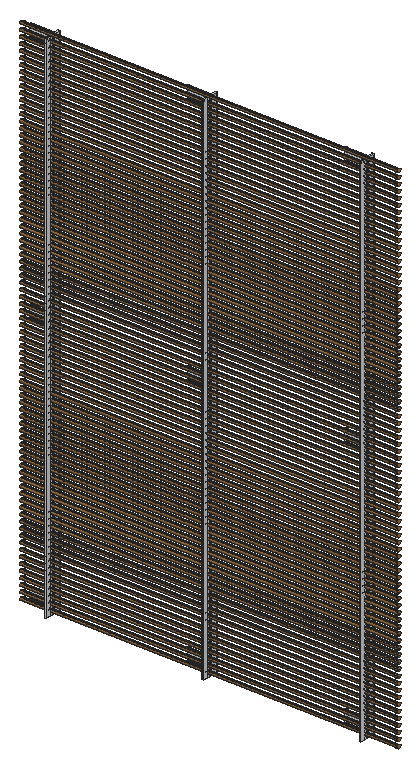
Revit family "HD014-2016.01.12-BT-Conjunto Minitubrise", category Generic Models, Revit 2016 (continued)
Definition of nested family "Portapanel Minitubrise"
  Automatic sketch dimensions
    Extrusion 14 sketch curve to Extrusion 14 sketch curve = 0 mm  (x4)
    Extrusion 14 sketch curve to Extrusion 14 sketch curve = 4 mm
    Extrusion 14 sketch curve to Extrusion 14 sketch curve = 2 mm
    Extrusion 14 sketch curve to Extrusion 14 sketch curve = 3 mm
    Extrusion 14 sketch curve to Extrusion 14 sketch curve = 17.733 mm
    Extrusion 15 sketch curve to Extrusion 15 sketch curve = 0 mm  (x4)
    Extrusion 15 sketch curve to Extrusion 15 sketch curve = 4 mm
    Extrusion 15 sketch curve to Extrusion 15 sketch curve = 2 mm
    Extrusion 15 sketch curve to Extrusion 15 sketch curve = 3 mm
    Extrusion 15 sketch curve to Extrusion 15 sketch curve = 17.733 mm
    Extrusion 16 sketch curve to Extrusion 16 sketch curve = 0 mm  (x4)
    Extrusion 16 sketch curve to Extrusion 16 sketch curve = 4 mm
    Extrusion 16 sketch curve to Extrusion 16 sketch curve = 2 mm
    Extrusion 16 sketch curve to Extrusion 16 sketch curve = 3 mm
    Extrusion 16 sketch curve to Extrusion 16 sketch curve = 17.733 mm
    Extrusion 17 sketch curve to Extrusion 17 sketch curve = 0 mm  (x4)
    Extrusion 17 sketch curve to Extrusion 17 sketch curve = 4 mm
    Extrusion 17 sketch curve to Extrusion 17 sketch curve = 2 mm
    Extrusion 17 sketch curve to Extrusion 17 sketch curve = 3 mm
    Extrusion 17 sketch curve to Extrusion 17 sketch curve = 17.733 mm
    Extrusion 18 sketch curve to Extrusion 18 sketch curve = 0 mm  (x4)
    Extrusion 18 sketch curve to Extrusion 18 sketch curve = 4 mm
    Extrusion 18 sketch curve to Extrusion 18 sketch curve = 2 mm
    Extrusion 18 sketch curve to Extrusion 18 sketch curve = 3 mm
    Extrusion 18 sketch curve to Extrusion 18 sketch curve = 17.733 mm
    Extrusion 19 sketch curve to Extrusion 19 sketch curve = 0 mm  (x4)
    Extrusion 19 sketch curve to Extrusion 19 sketch curve = 4 mm
    Extrusion 19 sketch curve to Extrusion 19 sketch curve = 2 mm
    Extrusion 19 sketch curve to Extrusion 19 sketch curve = 3 mm
    Extrusion 19 sketch curve to Extrusion 19 sketch curve = 17.733 mm
    Extrusion 20 sketch curve to Extrusion 20 sketch curve = 0 mm  (x4)
    Extrusion 20 sketch curve to Extrusion 20 sketch curve = 4 mm
    Extrusion 20 sketch curve to Extrusion 20 sketch curve = 2 mm
    Extrusion 20 sketch curve to Extrusion 20 sketch curve = 3 mm
    Extrusion 20 sketch curve to Extrusion 20 sketch curve = 17.733 mm
    Extrusion 21 sketch curve to Extrusion 21 sketch curve = 0 mm  (x4)
    Extrusion 21 sketch curve to Extrusion 21 sketch curve = 4 mm
    Extrusion 21 sketch curve to Extrusion 21 sketch curve = 2 mm
    Extrusion 21 sketch curve to Extrusion 21 sketch curve = 3 mm
    Extrusion 21 sketch curve to Extrusion 21 sketch curve = 17.733 mm
    Extrusion 22 sketch curve to Extrusion 22 sketch curve = 0 mm  (x4)
    Extrusion 22 sketch curve to Extrusion 22 sketch curve = 4 mm
    Extrusion 22 sketch curve to Extrusion 22 sketch curve = 2 mm
    Extrusion 22 sketch curve to Extrusion 22 sketch curve = 3 mm
    Extrusion 22 sketch curve to Extrusion 22 sketch curve = 17.733 mm
    Extrusion 23 sketch curve to Extrusion 23 sketch curve = 0 mm  (x4)
    Extrusion 23 sketch curve to Extrusion 23 sketch curve = 4 mm
    Extrusion 23 sketch curve to Extrusion 23 sketch curve = 2 mm
    Extrusion 23 sketch curve to Extrusion 23 sketch curve = 3 mm
    Extrusion 23 sketch curve to Extrusion 23 sketch curve = 17.733 mm
    Extrusion 24 sketch curve to Extrusion 24 sketch curve = 0 mm  (x4)
    Extrusion 24 sketch curve to Extrusion 24 sketch curve = 4 mm
    Extrusion 24 sketch curve to Extrusion 24 sketch curve = 2 mm
    Extrusion 24 sketch curve to Extrusion 24 sketch curve = 3 mm
    Extrusion 24 sketch curve to Extrusion 24 sketch curve = 17.733 mm
    Extrusion 25 sketch curve to Extrusion 25 sketch curve = 0 mm  (x4)
    Extrusion 25 sketch curve to Extrusion 25 sketch curve = 4 mm
    Extrusion 25 sketch curve to Extrusion 25 sketch curve = 2 mm
    Extrusion 25 sketch curve to Extrusion 25 sketch curve = 3 mm
    Extrusion 25 sketch curve to Extrusion 25 sketch curve = 17.733 mm
    Extrusion 26 sketch curve to Extrusion 26 sketch curve = 0 mm  (x4)
    Extrusion 26 sketch curve to Extrusion 26 sketch curve = 4 mm
    Extrusion 26 sketch curve to Extrusion 26 sketch curve = 2 mm
    Extrusion 26 sketch curve to Extrusion 26 sketch curve = 3 mm
    Extrusion 26 sketch curve to Extrusion 26 sketch curve = 17.733 mm
    Extrusion 27 sketch curve to Extrusion 27 sketch curve = 0 mm  (x4)
    Extrusion 27 sketch curve to Extrusion 27 sketch curve = 4 mm
    Extrusion 27 sketch curve to Extrusion 27 sketch curve = 2 mm
    Extrusion 27 sketch curve to Extrusion 27 sketch curve = 3 mm
    Extrusion 27 sketch curve to Extrusion 27 sketch curve = 17.733 mm
    Extrusion 28 sketch curve to Extrusion 28 sketch curve = 0 mm  (x4)
    Extrusion 28 sketch curve to Extrusion 28 sketch curve = 4 mm
    Extrusion 28 sketch curve to Extrusion 28 sketch curve = 2 mm
    Extrusion 28 sketch curve to Extrusion 28 sketch curve = 3 mm
    Extrusion 28 sketch curve to Extrusion 28 sketch curve = 17.733 mm
    Extrusion 29 sketch curve to Extrusion 29 sketch curve = 0 mm  (x4)
    Extrusion 29 sketch curve to Extrusion 29 sketch curve = 4 mm
    Extrusion 29 sketch curve to Extrusion 29 sketch curve = 2 mm
    Extrusion 29 sketch curve to Extrusion 29 sketch curve = 3 mm
    Extrusion 29 sketch curve to Extrusion 29 sketch curve = 17.733 mm
    Extrusion 30 sketch curve to Extrusion 30 sketch curve = 0 mm  (x4)
    Extrusion 30 sketch curve to Extrusion 30 sketch curve = 4 mm
    Extrusion 30 sketch curve to Extrusion 30 sketch curve = 2 mm
    Extrusion 30 sketch curve to Extrusion 30 sketch curve = 3 mm
    Extrusion 30 sketch curve to Extrusion 30 sketch curve = 17.733 mm
    Extrusion 31 sketch curve to Extrusion 31 sketch curve = 0 mm  (x4)
    Extrusion 31 sketch curve to Extrusion 31 sketch curve = 4 mm
    Extrusion 31 sketch curve to Extrusion 31 sketch curve = 2 mm
    Extrusion 31 sketch curve to Extrusion 31 sketch curve = 3 mm
    Extrusion 31 sketch curve to Extrusion 31 sketch curve = 17.733 mm
    Extrusion 32 sketch curve to Extrusion 32 sketch curve = 0 mm  (x4)
    Extrusion 32 sketch curve to Extrusion 32 sketch curve = 4 mm
    Extrusion 32 sketch curve to Extrusion 32 sketch curve = 2 mm
    Extrusion 32 sketch curve to Extrusion 32 sketch curve = 3 mm
    Extrusion 32 sketch curve to Extrusion 32 sketch curve = 17.733 mm
    Extrusion 33 sketch curve to Extrusion 33 sketch curve = 0 mm  (x4)
    Extrusion 33 sketch curve to Extrusion 33 sketch curve = 4 mm
    Extrusion 33 sketch curve to Extrusion 33 sketch curve = 2 mm
    Extrusion 33 sketch curve to Extrusion 33 sketch curve = 3 mm
    Extrusion 33 sketch curve to Extrusion 33 sketch curve = 17.733 mm
    Extrusion 34 sketch curve to Extrusion 34 sketch curve = 0 mm  (x4)
    Extrusion 34 sketch curve to Extrusion 34 sketch curve = 4 mm
    Extrusion 34 sketch curve to Extrusion 34 sketch curve = 2 mm
    Extrusion 34 sketch curve to Extrusion 34 sketch curve = 3 mm
    Extrusion 34 sketch curve to Extrusion 34 sketch curve = 17.733 mm
    Extrusion 35 sketch curve to Extrusion 35 sketch curve = 0 mm  (x4)
    Extrusion 35 sketch curve to Extrusion 35 sketch curve = 4 mm
    Extrusion 35 sketch curve to Extrusion 35 sketch curve = 2 mm
    Extrusion 35 sketch curve to Extrusion 35 sketch curve = 3 mm
    Extrusion 35 sketch curve to Extrusion 35 sketch curve = 17.733 mm
    Extrusion 36 sketch curve to Extrusion 36 sketch curve = 0 mm  (x4)
    Extrusion 36 sketch curve to Extrusion 36 sketch curve = 4 mm
    Extrusion 36 sketch curve to Extrusion 36 sketch curve = 2 mm
    Extrusion 36 sketch curve to Extrusion 36 sketch curve = 3 mm
    Extrusion 36 sketch curve to Extrusion 36 sketch curve = 17.733 mm
    Extrusion 37 sketch curve to Extrusion 37 sketch curve = 0 mm  (x4)
    Extrusion 37 sketch curve to Extrusion 37 sketch curve = 4 mm
    Extrusion 37 sketch curve to Extrusion 37 sketch curve = 2 mm
    Extrusion 37 sketch curve to Extrusion 37 sketch curve = 3 mm
    Extrusion 37 sketch curve to Extrusion 37 sketch curve = 17.733 mm
    Extrusion 38 sketch curve to Extrusion 38 sketch curve = 0 mm  (x4)
    Extrusion 38 sketch curve to Extrusion 38 sketch curve = 4 mm
    Extrusion 38 sketch curve to Extrusion 38 sketch curve = 2 mm
    Extrusion 38 sketch curve to Extrusion 38 sketch curve = 3 mm
    Extrusion 38 sketch curve to Extrusion 38 sketch curve = 17.733 mm
    Extrusion 39 sketch curve to Extrusion 39 sketch curve = 0 mm  (x4)
    Extrusion 39 sketch curve to Extrusion 39 sketch curve = 4 mm
    Extrusion 39 sketch curve to Extrusion 39 sketch curve = 2 mm
    Extrusion 39 sketch curve to Extrusion 39 sketch curve = 3 mm
    Extrusion 39 sketch curve to Extrusion 39 sketch curve = 17.733 mm
    Extrusion 40 sketch curve to Extrusion 40 sketch curve = 0 mm  (x4)
    Extrusion 40 sketch curve to Extrusion 40 sketch curve = 4 mm
    Extrusion 40 sketch curve to Extrusion 40 sketch curve = 2 mm
    Extrusion 40 sketch curve to Extrusion 40 sketch curve = 3 mm
    Extrusion 40 sketch curve to Extrusion 40 sketch curve = 17.733 mm
    Extrusion 41 sketch curve to Extrusion 41 sketch curve = 0 mm  (x4)
    Extrusion 41 sketch curve to Extrusion 41 sketch curve = 4 mm
    Extrusion 41 sketch curve to Extrusion 41 sketch curve = 2 mm
    Extrusion 41 sketch curve to Extrusion 41 sketch curve = 3 mm
    Extrusion 41 sketch curve to Extrusion 41 sketch curve = 17.733 mm
    Extrusion 42 sketch curve to Extrusion 42 sketch curve = 0 mm  (x4)
    Extrusion 42 sketch curve to Extrusion 42 sketch curve = 4 mm
    Extrusion 42 sketch curve to Extrusion 42 sketch curve = 2 mm
    Extrusion 42 sketch curve to Extrusion 42 sketch curve = 3 mm
    Extrusion 42 sketch curve to Extrusion 42 sketch curve = 17.733 mm
    Extrusion 43 sketch curve to Extrusion 43 sketch curve = 0 mm  (x4)
    Extrusion 43 sketch curve to Extrusion 43 sketch curve = 4 mm
    Extrusion 43 sketch curve to Extrusion 43 sketch curve = 2 mm
    Extrusion 43 sketch curve to Extrusion 43 sketch curve = 3 mm
    Extrusion 43 sketch curve to Extrusion 43 sketch curve = 17.733 mm
    Extrusion 44 sketch curve to Extrusion 44 sketch curve = 0 mm  (x4)
    Extrusion 44 sketch curve to Extrusion 44 sketch curve = 4 mm
    Extrusion 44 sketch curve to Extrusion 44 sketch curve = 2 mm
    Extrusion 44 sketch curve to Extrusion 44 sketch curve = 3 mm
    Extrusion 44 sketch curve to Extrusion 44 sketch curve = 17.733 mm
    Extrusion 45 sketch curve to Extrusion 45 sketch curve = 0 mm  (x4)
    Extrusion 45 sketch curve to Extrusion 45 sketch curve = 4 mm
    Extrusion 45 sketch curve to Extrusion 45 sketch curve = 2 mm
    Extrusion 45 sketch curve to Extrusion 45 sketch curve = 3 mm
    Extrusion 45 sketch curve to Extrusion 45 sketch curve = 17.733 mm
    Extrusion 46 sketch curve to Extrusion 46 sketch curve = 0 mm  (x4)
    Extrusion 46 sketch curve to Extrusion 46 sketch curve = 4 mm
    Extrusion 46 sketch curve to Extrusion 46 sketch curve = 2 mm
    Extrusion 46 sketch curve to Extrusion 46 sketch curve = 3 mm
    Extrusion 46 sketch curve to Extrusion 46 sketch curve = 17.733 mm
    Extrusion 47 sketch curve to Extrusion 47 sketch curve = 0 mm  (x4)
    Extrusion 47 sketch curve to Extrusion 47 sketch curve = 4 mm
    Extrusion 47 sketch curve to Extrusion 47 sketch curve = 2 mm
    Extrusion 47 sketch curve to Extrusion 47 sketch curve = 3 mm
    Extrusion 47 sketch curve to Extrusion 47 sketch curve = 17.733 mm
    Extrusion 48 sketch curve to Extrusion 48 sketch curve = 0 mm  (x4)
    Extrusion 48 sketch curve to Extrusion 48 sketch curve = 4 mm
    Extrusion 48 sketch curve to Extrusion 48 sketch curve = 2 mm
    Extrusion 48 sketch curve to Extrusion 48 sketch curve = 3 mm
    Extrusion 48 sketch curve to Extrusion 48 sketch curve = 17.733 mm
    Extrusion 49 sketch curve to Extrusion 49 sketch curve = 0 mm  (x4)
    Extrusion 49 sketch curve to Extrusion 49 sketch curve = 4 mm
    Extrusion 49 sketch curve to Extrusion 49 sketch curve = 2 mm
    Extrusion 49 sketch curve to Extrusion 49 sketch curve = 3 mm
    Extrusion 49 sketch curve to Extrusion 49 sketch curve = 17.733 mm
    Extrusion 50 sketch curve to Extrusion 50 sketch curve = 0 mm  (x4)
    Extrusion 50 sketch curve to Extrusion 50 sketch curve = 4 mm
    Extrusion 50 sketch curve to Extrusion 50 sketch curve = 2 mm
    Extrusion 50 sketch curve to Extrusion 50 sketch curve = 3 mm
    Extrusion 50 sketch curve to Extrusion 50 sketch curve = 17.733 mm
    Extrusion 51 sketch curve to Extrusion 51 sketch curve = 0 mm  (x4)
    Extrusion 51 sketch curve to Extrusion 51 sketch curve = 4 mm
    Extrusion 51 sketch curve to Extrusion 51 sketch curve = 2 mm
    Extrusion 51 sketch curve to Extrusion 51 sketch curve = 3 mm
    Extrusion 51 sketch curve to Extrusion 51 sketch curve = 17.733 mm
    Extrusion 52 sketch curve to Extrusion 52 sketch curve = 0 mm  (x4)
    Extrusion 52 sketch curve to Extrusion 52 sketch curve = 4 mm
    Extrusion 52 sketch curve to Extrusion 52 sketch curve = 2 mm
    Extrusion 52 sketch curve to Extrusion 52 sketch curve = 3 mm
    Extrusion 52 sketch curve to Extrusion 52 sketch curve = 17.733 mm
    Extrusion 53 sketch curve to Extrusion 53 sketch curve = 0 mm  (x4)
    Extrusion 53 sketch curve to Extrusion 53 sketch curve = 4 mm
    Extrusion 53 sketch curve to Extrusion 53 sketch curve = 2 mm
    Extrusion 53 sketch curve to Extrusion 53 sketch curve = 3 mm
    Extrusion 53 sketch curve to Extrusion 53 sketch curve = 17.733 mm
    Extrusion 54 sketch curve to Extrusion 54 sketch curve = 0 mm  (x4)
    Extrusion 54 sketch curve to Extrusion 54 sketch curve = 4 mm
    Extrusion 54 sketch curve to Extrusion 54 sketch curve = 2 mm
    Extrusion 54 sketch curve to Extrusion 54 sketch curve = 3 mm
    Extrusion 54 sketch curve to Extrusion 54 sketch curve = 17.733 mm
    Extrusion 55 sketch curve to Extrusion 55 sketch curve = 0 mm  (x4)
    Extrusion 55 sketch curve to Extrusion 55 sketch curve = 4 mm
    Extrusion 55 sketch curve to Extrusion 55 sketch curve = 2 mm
    Extrusion 55 sketch curve to Extrusion 55 sketch curve = 3 mm
    Extrusion 55 sketch curve to Extrusion 55 sketch curve = 17.733 mm
    Extrusion 56 sketch curve to Extrusion 56 sketch curve = 0 mm  (x4)
    Extrusion 56 sketch curve to Extrusion 56 sketch curve = 4 mm
    Extrusion 56 sketch curve to Extrusion 56 sketch curve = 2 mm
    Extrusion 56 sketch curve to Extrusion 56 sketch curve = 3 mm
    Extrusion 56 sketch curve to Extrusion 56 sketch curve = 17.733 mm
    Extrusion 57 sketch curve to Extrusion 57 sketch curve = 0 mm  (x4)
    Extrusion 57 sketch curve to Extrusion 57 sketch curve = 4 mm
    Extrusion 57 sketch curve to Extrusion 57 sketch curve = 2 mm
    Extrusion 57 sketch curve to Extrusion 57 sketch curve = 3 mm
    Extrusion 57 sketch curve to Extrusion 57 sketch curve = 17.733 mm
    Extrusion 58 sketch curve to Extrusion 58 sketch curve = 0 mm  (x4)
    Extrusion 58 sketch curve to Extrusion 58 sketch curve = 4 mm
    Extrusion 58 sketch curve to Extrusion 58 sketch curve = 2 mm
    Extrusion 58 sketch curve to Extrusion 58 sketch curve = 3 mm
    Extrusion 58 sketch curve to Extrusion 58 sketch curve = 17.733 mm
    Extrusion 59 sketch curve to Extrusion 59 sketch curve = 0 mm  (x4)
    Extrusion 59 sketch curve to Extrusion 59 sketch curve = 4 mm
    Extrusion 59 sketch curve to Extrusion 59 sketch curve = 2 mm
    Extrusion 59 sketch curve to Extrusion 59 sketch curve = 3 mm
    Extrusion 59 sketch curve to Extrusion 59 sketch curve = 17.733 mm
    Extrusion 60 sketch curve to Extrusion 60 sketch curve = 0 mm  (x4)
    Extrusion 60 sketch curve to Extrusion 60 sketch curve = 4 mm
    Extrusion 60 sketch curve to Extrusion 60 sketch curve = 2 mm
    Extrusion 60 sketch curve to Extrusion 60 sketch curve = 3 mm
    Extrusion 60 sketch curve to Extrusion 60 sketch curve = 17.733 mm
    Extrusion 61 sketch curve to Extrusion 61 sketch curve = 0 mm  (x4)
    Extrusion 61 sketch curve to Extrusion 61 sketch curve = 4 mm
    Extrusion 61 sketch curve to Extrusion 61 sketch curve = 2 mm
    Extrusion 61 sketch curve to Extrusion 61 sketch curve = 3 mm
    Extrusion 61 sketch curve to Extrusion 61 sketch curve = 17.733 mm
    Extrusion 62 sketch curve to Extrusion 62 sketch curve = 0 mm  (x4)
    Extrusion 62 sketch curve to Extrusion 62 sketch curve = 4 mm
    Extrusion 62 sketch curve to Extrusion 62 sketch curve = 2 mm
    Extrusion 62 sketch curve to Extrusion 62 sketch curve = 3 mm
    Extrusion 62 sketch curve to Extrusion 62 sketch curve = 17.733 mm
    Extrusion 63 sketch curve to Extrusion 63 sketch curve = 0 mm  (x4)
    Extrusion 63 sketch curve to Extrusion 63 sketch curve = 4 mm
    Extrusion 63 sketch curve to Extrusion 63 sketch curve = 2 mm
    Extrusion 63 sketch curve to Extrusion 63 sketch curve = 3 mm
    Extrusion 63 sketch curve to Extrusion 63 sketch curve = 17.733 mm
    Extrusion 64 sketch curve to Extrusion 64 sketch curve = 0 mm  (x4)
    Extrusion 64 sketch curve to Extrusion 64 sketch curve = 4 mm
    Extrusion 64 sketch curve to Extrusion 64 sketch curve = 2 mm
    Extrusion 64 sketch curve to Extrusion 64 sketch curve = 3 mm
    Extrusion 64 sketch curve to Extrusion 64 sketch curve = 17.733 mm
    Extrusion 65 sketch curve to Extrusion 65 sketch curve = 0 mm  (x4)
    Extrusion 65 sketch curve to Extrusion 65 sketch curve = 4 mm
    Extrusion 65 sketch curve to Extrusion 65 sketch curve = 2 mm
    Extrusion 65 sketch curve to Extrusion 65 sketch curve = 3 mm
    Extrusion 65 sketch curve to Extrusion 65 sketch curve = 17.733 mm
    Extrusion 66 sketch curve to Extrusion 66 sketch curve = 0 mm  (x4)
    Extrusion 66 sketch curve to Extrusion 66 sketch curve = 4 mm
    Extrusion 66 sketch curve to Extrusion 66 sketch curve = 2 mm
    Extrusion 66 sketch curve to Extrusion 66 sketch curve = 3 mm
    Extrusion 66 sketch curve to Extrusion 66 sketch curve = 17.733 mm
    Extrusion 67 sketch curve to Extrusion 67 sketch curve = 0 mm  (x4)
    Extrusion 67 sketch curve to Extrusion 67 sketch curve = 4 mm
    Extrusion 67 sketch curve to Extrusion 67 sketch curve = 2 mm
    Extrusion 67 sketch curve to Extrusion 67 sketch curve = 3 mm
    Extrusion 67 sketch curve to Extrusion 67 sketch curve = 17.733 mm
    Extrusion 68 sketch curve to Extrusion 68 sketch curve = 0 mm  (x4)
    Extrusion 68 sketch curve to Extrusion 68 sketch curve = 4 mm
    Extrusion 68 sketch curve to Extrusion 68 sketch curve = 2 mm
    Extrusion 68 sketch curve to Extrusion 68 sketch curve = 3 mm
    Extrusion 68 sketch curve to Extrusion 68 sketch curve = 17.733 mm
    Extrusion 69 sketch curve to Extrusion 69 sketch curve = 0 mm  (x4)
    Extrusion 69 sketch curve to Extrusion 69 sketch curve = 4 mm
    Extrusion 69 sketch curve to Extrusion 69 sketch curve = 2 mm
    Extrusion 69 sketch curve to Extrusion 69 sketch curve = 3 mm
    Extrusion 69 sketch curve to Extrusion 69 sketch curve = 17.733 mm
    Extrusion 70 sketch curve to Extrusion 70 sketch curve = 0 mm  (x4)
    Extrusion 70 sketch curve to Extrusion 70 sketch curve = 4 mm
    Extrusion 70 sketch curve to Extrusion 70 sketch curve = 2 mm
    Extrusion 70 sketch curve to Extrusion 70 sketch curve = 3 mm
    Extrusion 70 sketch curve to Extrusion 70 sketch curve = 17.733 mm
    Extrusion 71 sketch curve to Extrusion 71 sketch curve = 0 mm  (x4)
    Extrusion 71 sketch curve to Extrusion 71 sketch curve = 4 mm
    Extrusion 71 sketch curve to Extrusion 71 sketch curve = 2 mm
    Extrusion 71 sketch curve to Extrusion 71 sketch curve = 3 mm
    Extrusion 71 sketch curve to Extrusion 71 sketch curve = 17.733 mm
    Extrusion 72 sketch curve to Extrusion 72 sketch curve = 0 mm  (x4)
    Extrusion 72 sketch curve to Extrusion 72 sketch curve = 4 mm
    Extrusion 72 sketch curve to Extrusion 72 sketch curve = 2 mm
    Extrusion 72 sketch curve to Extrusion 72 sketch curve = 3 mm
    Extrusion 72 sketch curve to Extrusion 72 sketch curve = 17.733 mm
    Extrusion 73 sketch curve to Extrusion 73 sketch curve = 0 mm  (x4)
    Extrusion 73 sketch curve to Extrusion 73 sketch curve = 4 mm
    Extrusion 73 sketch curve to Extrusion 73 sketch curve = 2 mm
    Extrusion 73 sketch curve to Extrusion 73 sketch curve = 3 mm
    Extrusion 73 sketch curve to Extrusion 73 sketch curve = 17.733 mm
    Extrusion 74 sketch curve to Extrusion 74 sketch curve = 0 mm  (x4)
    Extrusion 74 sketch curve to Extrusion 74 sketch curve = 4 mm
    Extrusion 74 sketch curve to Extrusion 74 sketch curve = 2 mm
    Extrusion 74 sketch curve to Extrusion 74 sketch curve = 3 mm
    Extrusion 74 sketch curve to Extrusion 74 sketch curve = 17.733 mm
    Extrusion 75 sketch curve to Extrusion 75 sketch curve = 0 mm  (x4)
    Extrusion 75 sketch curve to Extrusion 75 sketch curve = 4 mm
    Extrusion 75 sketch curve to Extrusion 75 sketch curve = 2 mm
    Extrusion 75 sketch curve to Extrusion 75 sketch curve = 3 mm
    Extrusion 75 sketch curve to Extrusion 75 sketch curve = 17.733 mm
    Extrusion 76 sketch curve to Extrusion 76 sketch curve = 0 mm  (x4)
    Extrusion 76 sketch curve to Extrusion 76 sketch curve = 4 mm
    Extrusion 76 sketch curve to Extrusion 76 sketch curve = 2 mm
    Extrusion 76 sketch curve to Extrusion 76 sketch curve = 3 mm
    Extrusion 76 sketch curve to Extrusion 76 sketch curve = 17.733 mm
    Extrusion 77 sketch curve to Extrusion 77 sketch curve = 0 mm  (x4)
    Extrusion 77 sketch curve to Extrusion 77 sketch curve = 4 mm
    Extrusion 77 sketch curve to Extrusion 77 sketch curve = 2 mm
    Extrusion 77 sketch curve to Extrusion 77 sketch curve = 3 mm
    Extrusion 77 sketch curve to Extrusion 77 sketch curve = 17.733 mm
    Extrusion 78 sketch curve to Extrusion 78 sketch curve = 0 mm  (x4)
    Extrusion 78 sketch curve to Extrusion 78 sketch curve = 4 mm
    Extrusion 78 sketch curve to Extrusion 78 sketch curve = 2 mm
    Extrusion 78 sketch curve to Extrusion 78 sketch curve = 3 mm
    Extrusion 78 sketch curve to Extrusion 78 sketch curve = 17.733 mm
    Extrusion 79 sketch curve to Extrusion 79 sketch curve = 0 mm  (x4)
    Extrusion 79 sketch curve to Extrusion 79 sketch curve = 4 mm
    Extrusion 79 sketch curve to Extrusion 79 sketch curve = 2 mm
    Extrusion 79 sketch curve to Extrusion 79 sketch curve = 3 mm
    Extrusion 79 sketch curve to Extrusion 79 sketch curve = 17.733 mm
    Extrusion 80 sketch curve to Extrusion 80 sketch curve = 0 mm  (x4)
    Extrusion 80 sketch curve to Extrusion 80 sketch curve = 4 mm
    Extrusion 80 sketch curve to Extrusion 80 sketch curve = 2 mm
    Extrusion 80 sketch curve to Extrusion 80 sketch curve = 3 mm
    Extrusion 80 sketch curve to Extrusion 80 sketch curve = 17.733 mm
    Extrusion 81 sketch curve to Extrusion 81 sketch curve = 0 mm  (x4)
    Extrusion 81 sketch curve to Extrusion 81 sketch curve = 4 mm
    Extrusion 81 sketch curve to Extrusion 81 sketch curve = 2 mm
    Extrusion 81 sketch curve to Extrusion 81 sketch curve = 3 mm
    Extrusion 81 sketch curve to Extrusion 81 sketch curve = 17.733 mm
    Extrusion 82 sketch curve to Extrusion 82 sketch curve = 0 mm  (x4)
    Extrusion 82 sketch curve to Extrusion 82 sketch curve = 4 mm
    Extrusion 82 sketch curve to Extrusion 82 sketch curve = 2 mm
    Extrusion 82 sketch curve to Extrusion 82 sketch curve = 3 mm
    Extrusion 82 sketch curve to Extrusion 82 sketch curve = 17.733 mm
    Extrusion 83 sketch curve to Extrusion 83 sketch curve = 0 mm  (x4)
    Extrusion 83 sketch curve to Extrusion 83 sketch curve = 4 mm
    Extrusion 83 sketch curve to Extrusion 83 sketch curve = 2 mm
    Extrusion 83 sketch curve to Extrusion 83 sketch curve = 3 mm
    Extrusion 83 sketch curve to Extrusion 83 sketch curve = 17.733 mm
  Nested families
    nested 1: "Soporte Minitubrise" at (6.06, -2.704, 0) x (0, 1, 0) z (0, 0, 1), type "Soporte Minitubrise"
  Definition of nested family "Soporte Minitubrise"
    Parameters (values of type "Soporte Minitubrise")
      Largo = 1650 mm
    Reference planes
      plane 1 "Center (Front/Back)": y = 0
      plane 2: z = 0
      plane 3 "Center (Left/Right)": x = 0
    Forms (mm)
      Extrusion 1, solid
        sketch origin (0, 0, 0) x (1, 0, 0) y (0, 1, 0)
          loop
            arc (12.219, 4.7) -> (12.941, 5.154) -> (12.844, 6) r 0.8
            line (12.844, 6) -> (0.519, 6)
            arc (0.519, 6) -> (0.166, 5.854) -> (0.019, 5.5) r 0.5
            line (0.019, 5.5) -> (0.019, 0.5)
            arc (0.019, 0.5) -> (0.166, 0.146) -> (0.519, 0) r 0.5
            line (0.519, 0) -> (12.844, 0)
            arc (12.844, 0) -> (12.941, 0.846) -> (12.219, 1.3) r 0.8
            line (12.219, 1.3) -> (9.776, 1.3) -> (8.952, 1) -> (1.519, 1) -> (1.519, 5) -> (8.952, 5) -> (9.776, 4.7) -> (12.219, 4.7)
        from 0 to 1650
    Dimensions and locks
      "Largo": Extrusion 1 to level
      aligned and locked: level to plane 2
    Automatic sketch dimensions
      plane 1 "Center (Front/Back)" to Extrusion 1 sketch curve = 0 mm
      plane 3 "Center (Left/Right)" to Extrusion 1 sketch curve = 0.019 mm
      Extrusion 1 sketch curve to Extrusion 1 sketch curve = 0.5 mm  (x2)
      Extrusion 1 sketch curve to Extrusion 1 sketch curve = 1 mm
      Extrusion 1 sketch curve to Extrusion 1 sketch curve = 7.432 mm
      Extrusion 1 sketch curve to plane 1 "Center (Front/Back)" = 1 mm
      Extrusion 1 sketch curve to Extrusion 1 sketch curve = 0 mm
      Extrusion 1 sketch curve to plane 1 "Center (Front/Back)" = 4.7 mm
      Extrusion 1 sketch curve to Extrusion 1 sketch curve = 0.824 mm  (x2)
      Extrusion 1 sketch curve to plane 1 "Center (Front/Back)" = 1.3 mm
      Extrusion 1 sketch curve to Extrusion 1 sketch curve = 2.444 mm  (x2)
      Extrusion 1 sketch curve to Extrusion 1 sketch curve = 0.624 mm  (x2)
      Extrusion 1 sketch curve to Extrusion 1 sketch curve = 0.3 mm
      Extrusion 1 sketch curve to Extrusion 1 sketch curve = 0.8 mm
Definition of nested family "Panel Minitubrise"
  Parameters (values of type "Panel Minitubrise")
    Material = none
    Largo = 1200 mm
  Reference planes
    plane 1 "Center (Front/Back)": y = 0
    plane 2: z = 0
    plane 3 "Center (Left/Right)": x = 0
  Forms (mm)
    Extrusion 1, solid, material <- "Material"
      sketch origin (0, 0, 0) x (0, 1, 0) y (0, 0, 1)
        loop
          arc (-1.788, 9.084) -> (-2.39, 9.423) -> (-3.071, 9.541) r 2.029
          line (-3.071, 9.541) -> (-4.365, 9.541)
          arc (-4.365, 9.541) -> (-4.992, 9.265) -> (-5.212, 8.617) r 0.85
          line (-5.212, 8.617) -> (-4.939, 5.497) -> (-4.149, 5.639) -> (-4.437, 8.941) -> (-2.523, 8.941)
          arc (-2.523, 8.941) -> (-5.316, 1.141) -> (-8.109, 8.941) r 4.4
          line (-8.109, 8.941) -> (-6.176, 8.941) -> (-6.472, 5.556) -> (-5.648, 5.484) -> (-5.374, 8.617)
          arc (-5.374, 8.617) -> (-5.594, 9.265) -> (-6.221, 9.541) r 0.85
          line (-6.221, 9.541) -> (-7.561, 9.541)
          arc (-7.561, 9.541) -> (-8.242, 9.423) -> (-8.844, 9.084) r 2.029
          arc (-8.844, 9.084) -> (-5.316, 0.541) -> (-1.788, 9.084) r 5
      from 0 to 1200
  Dimensions and locks
    "Largo": Extrusion 1 to Extrusion 1
    aligned and locked: level to plane 2
  Automatic sketch dimensions
    Extrusion 1 sketch curve to Extrusion 1 sketch curve = 0 mm  (x3)
    plane 1 "Center (Front/Back)" to Extrusion 1 sketch curve = 8.109 mm
    Extrusion 1 sketch curve to Extrusion 1 sketch curve = 0.548 mm  (x2)
    Extrusion 1 sketch curve to Extrusion 1 sketch curve = 1.09 mm
    Extrusion 1 sketch curve to Extrusion 1 sketch curve = 1.34 mm
    Extrusion 1 sketch curve to Extrusion 1 sketch curve = 0.045 mm
    Extrusion 1 sketch curve to Extrusion 1 sketch curve = 0.824 mm
    Extrusion 1 sketch curve to Extrusion 1 sketch curve = 0.847 mm
    Extrusion 1 sketch curve to Extrusion 1 sketch curve = 0.332 mm
    Extrusion 1 sketch curve to Extrusion 1 sketch curve = 0.162 mm
    Extrusion 1 sketch curve to Extrusion 1 sketch curve = 0.377 mm
    Extrusion 1 sketch curve to Extrusion 1 sketch curve = 0.775 mm
    Extrusion 1 sketch curve to Extrusion 1 sketch curve = 0.072 mm  (x2)
    Extrusion 1 sketch curve to Extrusion 1 sketch curve = 0.791 mm
    Extrusion 1 sketch curve to Extrusion 1 sketch curve = 1.294 mm
    level to Extrusion 1 sketch curve = 5.484 mm
    Extrusion 1 sketch curve to Extrusion 1 sketch curve = 0.013 mm
    Extrusion 1 sketch curve to Extrusion 1 sketch curve = 0.057 mm
    Extrusion 1 sketch curve to Extrusion 1 sketch curve = 0.142 mm
    Extrusion 1 sketch curve to Extrusion 1 sketch curve = 1.429 mm  (x2)
    Extrusion 1 sketch curve to Extrusion 1 sketch curve = 0.25 mm  (x2)
    Extrusion 1 sketch curve to Extrusion 1 sketch curve = 0.735 mm
Definition of nested family "ESCUADRA PARAMETRICA"
  Parameters (values of type "ESCUADRA PARAMETRICA")
    LARGO = 60 mm
    ESPESOR = 1.5 mm
    ANCHO 2 = 90 mm
    ANCHO 1 = 50 mm
  Types (3, lengths in mm): name | LARGO | ESPESOR | ANCHO 2 | ANCHO 1
    ESCUADRA PARAMETRICA | 60 | 1.5 | 90 | 50
    E 36x90x5 | 30 | 5 | 90 | 36
    E 50x50x3 | 50 | 3 | 50 | 50
  Reference planes
    plane 1 "Center (Front/Back)": y = 0
    plane 2: z = 0
    plane 3 "Center (Left/Right)": x = 0
    plane 4: z = 71.221
  Forms (mm)
    Extrusion 1, solid
      sketch origin (0, 0, 0) x (1, 0, 0) y (0, 1, 0)
        loop
          line (-90, 0) -> (0, 0) -> (0, 50) -> (-1.5, 50) -> (-1.5, 1.5) -> (-90, 1.5) -> (-90, 0)
      from 0 to 60
  Dimensions and locks
    "ANCHO 2": Extrusion 1 sketch curve to Extrusion 1 sketch curve
    "ANCHO 1": Extrusion 1 sketch curve to Extrusion 1 sketch curve
    "ESPESOR": Extrusion 1 sketch curve to Extrusion 1 sketch curve  (x2)
    "LARGO": Extrusion 1 to Extrusion 1
    aligned and locked: level to plane 2
  Automatic sketch dimensions
    plane 1 "Center (Front/Back)" to Extrusion 1 sketch curve = 0 mm
    Extrusion 1 sketch curve to plane 3 "Center (Left/Right)" = 0 mm
